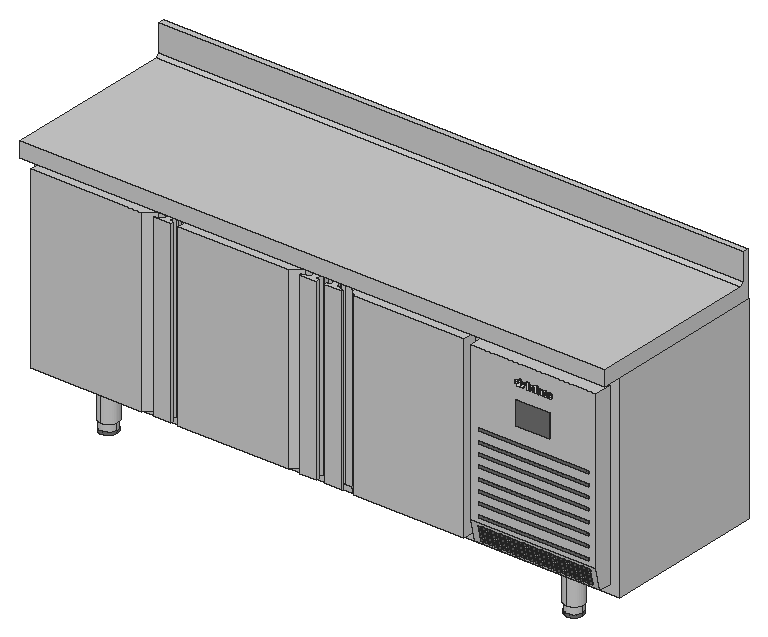
Revit family "QF_INFRICO_BMPP2000BT_250812084553", category Specialty Equipment, Revit 2021
Family settings
  Round Connector Dimension = Use Diameter
  Part Type = Normal
  OmniClass Number = 23.40.40.14
  OmniClass Title = Food Service Equipment
  Work Plane-Based = No
  Always vertical = Yes
  Cut with Voids When Loaded = No
  Shared = No
  Room Calculation Point = No
Parameters (values of type "BMPP2000BT")
  Weight [instance] = 159.002 kg
  Waste Water Discharge Temperature [instance] = 0 °C
  Waste Remarks [instance] = ""
  Warranty Start Date [instance] = ""
  Warranty Duration [instance] = ""
  Volts [instance] = 230 V
  Volt Free Conn [instance] = no
  URL Recommended Spares List [instance] = ""
  URL Manufacturer [instance] = ""
  URL Cutsheet [instance] = ""
  URL Critical Spares List [instance] = ""
  URL = "www.infrico.com"
  Technical Documentation [instance] = ""
  Tag Number [instance] = ""
  Status [instance] = ""
  Start Up Current [instance] = 0 A
  Specification by User [instance] = ""
  Specification by Manufacturer [instance] = ""
  Sound Level [instance] = ""
  Show Logo [instance] = yes
  Show Clearances [instance] = yes
  Service Life Duration [instance] = ""
  Serial Number [instance] = ""
  Seismic Rating [instance] = ""
  SMACNA No [instance] = ""
  Revision Code [instance] = ""
  Revision [instance] = ""
  Production Year [instance] = ""
  Potential Equalisation [instance] = no
  Point Load [instance] = 0
  Plumbing Connection Type [instance] = ""
  Phase [instance] = 1
  Other Equipment Approvals [instance] = ""
  Operational Current [instance] = 0 A
  Number of Poles [instance] = 2
  No Load Power Draw [instance] = no
  NAFEM Spec ID Number [instance] = ""
  Model Warning [instance] = ""
  Model = "BMPP2000BT"
  Min Ckt Ampacity [instance] = 0 A
  Max Overcurrent Protection [instance] = 0 A
  Masterspec [instance] = ""
  Manufacturer = "INFRICO"
  Main switch integrated [instance] = no
  Length Actual [instance] = 1960.118 mm
  Item Number [instance] = ""
  Installed By [instance] = ""
  Installation Date [instance] = ""
  Indirect Waste Size [instance] = 19.05 mm
  Indirect Waste Remarks [instance] = ""
  Indirect Waste Flow [instance] = 0.0 L/s
  Indirect Waste Connection Type [instance] = ""
  Indirect Waste Connection Height [instance] = 0 mm
  Identify Quantity as Lot [instance] = no
  ID [instance] = ""
  Hygiene Approval [instance] = ""
  Height Actual [instance] = 849.884 mm
  HP power [instance] = ""
  Furnished By [instance] = ""
  Foodservice Equipment Identifier [instance] = no
  FL Amps [instance] = 0 A
  Electrical Remarks [instance] = ""
  Electric power [instance] = 650 W
  Electric Connection Type [instance] = ""
  Elec Conn RI Height [instance] = 0 mm
  Elec Conn Connection Height [instance] = 0 mm
  ETL Approved [instance] = no
  Direct Waste Water Discharge Temperature [instance] = -273.15 °C
  Direct Waste Size [instance] = 19.05 mm
  Direct Waste RI Height [instance] = 0 mm
  Direct Waste Flow [instance] = 0.0 L/s
  Direct Waste Connection Height [instance] = 0 mm
  Description = "UNDERCOUNTER FREEZER 600 SERIES - R290"
  Depth Actual [instance] = 599.948 mm
  Default Elevation = 0 mm
  Cycle [instance] = 50 Hz
  Cost = 0
  Connection to energy optimisation system [instance] = yes
  Conn Plug [instance] = ""
  Conn Conduit [instance] = no
  Centralized building control system with digital interface [instance] = ""
  CSI MasterFormat [instance] = ""
  CE Approved [instance] = no
  Barcode [instance] = 0
  Author [instance] = ""
  Asset Identifier [instance] = ""
  Apparent Power [instance] = 650 VA
  Accessory [instance] = no
Reference planes
  plane 1 "Center (Front/Back)": y = 0
  plane 2: z = 0
  plane 3 "Center (Left/Right)": x = 0
Forms (mm)
  Extrusion 1, solid, not visible
    sketch origin (787.038, -112.005, 142.007) x (1, 0, 0) y (0, 1, 0)
      loop
        line (-2, 2) -> (-2, -2) -> (2, -2) -> (2, 2) -> (-2, 2)
    from -2 to 2
  Extrusion 2, solid, not visible
    sketch origin (1898.593, -61.503, 142.007) x (1, 0, 0) y (0, 1, 0)
      loop
        line (-2, 2) -> (-2, -2) -> (2, -2) -> (2, 2) -> (-2, 2)
    from -2 to 2
Dimensions and locks
  locked: nested 2 to Extrusion 1 at 2  (x2)
  locked: nested 3 to Extrusion 2 at 2  (x2)
  aligned and locked: level to plane 2
Nested families
  nested 1: "QF_INFRICO_BMPP2000_2920" at (0, 0, 140), type "BMPP2000BT"
    with Weight 159.002 kg, Warranty Start Date "", Warranty Duration "", URL Cutsheet "", Technical Documentation "", Tag Number "", Status "", Specification by User "", Specification by Manufacturer "", Sound Level "", Solid Fuel Type "", Show Logo yes, Show Clearances yes, Show Clearance yes, Service Life Duration "", Serial Number "", Seismic Rating "", SMACNA No "", Revision Code "", Revision "", Production Year "", Point Load 0, Other Equipment Approvals "", NAFEM Spec ID Number "", Model Warning "", Masterspec "", Length Actual 1960.118 mm, Item Number "", Installed By "", Installation Date "", Identify Quantity as Lot yes, ID "", Hygiene Approval "", Height Actual 849.884 mm, Furnished By "", Foodservice Equipment Identifier yes, ETL Approved yes, Depth Actual 599.948 mm, CSI MasterFormat "", CE Approved no, Barcode "", Author "", Asset Identifier "", Accessory no
  nested 2: "CONN_POINT_DRAIN_2D___Generic_Annotation" at (787.038, -112.005, 140.007), type "CONN_POINT_DRAIN_2D___Generic_Annotation"
    with Onboard connection annotation symbol visibility yes
  nested 3: "CONN_POINT_ELE_2D___Generic_Annotation" at (1898.593, -61.503, 140.007), type "CONN_POINT_ELE_2D___Generic_Annotation"
    with Onboard connection annotation symbol visibility yes
  nested 4: "QF_INFRICO_BMGN_DOOR_SX_4851" at (22, -538, 168), type "BMGN_DOOR_SX"
    with Weight 0.00 kg, Warranty Start Date "", Warranty Duration "", URL Cutsheet "", Technical Documentation "", Tag Number "", Status "", Specification by User "", Specification by Manufacturer "", Sound Level "", Solid Fuel Type "", Show Logo yes, Show Clearances yes, Show Clearance yes, Service Life Duration "", Serial Number "", Seismic Rating "", SMACNA No "", Revision Code "", Revision "", Production Year "", Point Load 0, Other Equipment Approvals "", NAFEM Spec ID Number "", Model Warning "", Masterspec "", Length Actual 467.106 mm, Item Number "", Installed By "", Installation Date "", Identify Quantity as Lot yes, ID "", Hygiene Approval "", Height Actual 596.9 mm, Furnished By "", Foodservice Equipment Identifier yes, ETL Approved yes, Depth Actual 54.102 mm, CSI MasterFormat "", CE Approved no, Barcode "", Author "", Asset Identifier "", Accessory yes
  nested 5: "QF_INFRICO_BMGN_DOOR_SX_5632" at (514, -538, 168), type "BMGN_DOOR_SX"
    with Weight 0.00 kg, Warranty Start Date "", Warranty Duration "", URL Cutsheet "", Technical Documentation "", Tag Number "", Status "", Specification by User "", Specification by Manufacturer "", Sound Level "", Solid Fuel Type "", Show Logo yes, Show Clearances yes, Show Clearance yes, Service Life Duration "", Serial Number "", Seismic Rating "", SMACNA No "", Revision Code "", Revision "", Production Year "", Point Load 0, Other Equipment Approvals "", NAFEM Spec ID Number "", Model Warning "", Masterspec "", Length Actual 467.106 mm, Item Number "", Installed By "", Installation Date "", Identify Quantity as Lot yes, ID "", Hygiene Approval "", Height Actual 596.9 mm, Furnished By "", Foodservice Equipment Identifier yes, ETL Approved yes, Depth Actual 54.102 mm, CSI MasterFormat "", CE Approved no, Barcode "", Author "", Asset Identifier "", Accessory yes
  nested 6: "QF_INFRICO_BMGN_DOOR_DX_6409" at (1006, -538, 168), type "BMGN_DOOR_DX"
    with Weight 0.00 kg, Warranty Start Date "", Warranty Duration "", URL Cutsheet "", Technical Documentation "", Tag Number "", Status "", Specification by User "", Specification by Manufacturer "", Sound Level "", Solid Fuel Type "", Show Logo yes, Show Clearances yes, Show Clearance yes, Service Life Duration "", Serial Number "", Seismic Rating "", SMACNA No "", Revision Code "", Revision "", Production Year "", Point Load 0, Other Equipment Approvals "", NAFEM Spec ID Number "", Model Warning "", Masterspec "", Length Actual 467.106 mm, Item Number "", Installed By "", Installation Date "", Identify Quantity as Lot yes, ID "", Hygiene Approval "", Height Actual 596.9 mm, Furnished By "", Foodservice Equipment Identifier yes, ETL Approved yes, Depth Actual 54.102 mm, CSI MasterFormat "", CE Approved no, Barcode "", Author "", Asset Identifier "", Accessory yes
  nested 7: "QF_INFRICO_WORKTOP_BACKSPLASH_7186" at (0, 0, 800), type "ENC12CPBM20"
    with Weight 0.00 kg, Warranty Start Date "", Warranty Duration "", URL Cutsheet "", Technical Documentation "", Tag Number "", Status "", Specification by User "", Specification by Manufacturer "", Sound Level "", Solid Fuel Type "", Show Logo yes, Show Clearances yes, Show Clearance yes, Service Life Duration "", Serial Number "", Seismic Rating "", SMACNA No "", Revision Code "", Revision "", Production Year "", Point Load 0, Other Equipment Approvals "", NAFEM Spec ID Number "", Model Warning "", Masterspec "", Length Actual 1960.118 mm, Item Number "", Installed By "", Installation Date "", Identify Quantity as Lot yes, ID "", Hygiene Approval "", Height Actual 150.114 mm, Furnished By "", Foodservice Equipment Identifier yes, ETL Approved yes, Depth Actual 599.948 mm, CSI MasterFormat "", CE Approved no, Barcode "", Author "", Asset Identifier "", Accessory yes
  nested 8: "QF_INFRICO_LEGS_8022" at (0, 0, 0), type "LEGS_1960_600"
    with Weight 0.00 kg, Warranty Start Date "", Warranty Duration "", URL Cutsheet "", Technical Documentation "", Tag Number "", Status "", Specification by User "", Specification by Manufacturer "", Sound Level "", Solid Fuel Type "", Show Logo yes, Show Clearances yes, Show Clearance yes, Service Life Duration "", Serial Number "", Seismic Rating "", SMACNA No "", Revision Code "", Revision "", Production Year "", Point Load 0, Other Equipment Approvals "", NAFEM Spec ID Number "", Model Warning "", Masterspec "", Length Actual 1960.118 mm, Item Number "", Installed By "", Installation Date "", Identify Quantity as Lot yes, ID "", Hygiene Approval "", Height Actual 139.954 mm, Furnished By "", Foodservice Equipment Identifier yes, ETL Approved yes, Depth Actual 599.948 mm, CSI MasterFormat "", CE Approved no, Barcode "", Author "", Asset Identifier "", Accessory yes
Connectors
  piping at (787.038, -112.005, 140.007), diameter 19.05, driven by "Indirect Waste Size", driven by "Direct Waste Flow"
    settings: on Extrusion 1, index 1, connector inside diameter 609.6 mm, connector length 0 mm, flow factor 0, pipe flow 0.0 L/s, pressure drop 0.0 Pa, fitting loss kfactor 0, connector angle 0.00°, fixture units 0, engagement length 0 mm, angle of deflection 0.00°, flow configuration 1, flow direction 2, fitting loss method 0, system type 16, joint type 0, gender type 0, connector reference index -1, connector utility 0, adjustable connector no, is connector primary yes, connector description "Waste connection for BMPP2000BT"
  electrical at (1898.593, -61.503, 140.007), driven by "Apparent Power", driven by "Number of Poles", driven by "Volts"
    settings: on Extrusion 2, index 2, voltage 230 V, apparent load 0 VA, apparent load phase1 650 VA, apparent load phase2 0 VA, apparent load phase3 0 VA, power factor 1, load classification "Other", number of poles 2, system type 31, power factor state 1, is connector primary yes, connector utility no, sub classification motor no, connector description "Electrical connection for BMPP2000BT"
Definition of nested family "QF_INFRICO_BMPP2000_2920"
  Parameters (values of type "BMPPF2000II-R290")
    Weight [instance] = 0.00 kg
    Warranty Start Date [instance] = ""
    Warranty Duration [instance] = ""
    URL Cutsheet [instance] = ""
    URL = "www.infrico.com"
    Technical Documentation [instance] = ""
    Tag Number [instance] = ""
    Status [instance] = ""
    Specification by User [instance] = ""
    Specification by Manufacturer [instance] = ""
    Sound Level [instance] = ""
    Solid Fuel Type [instance] = ""
    Show Logo [instance] = yes
    Show Clearances [instance] = yes
    Show Clearance [instance] = yes
    Service Life Duration [instance] = ""
    Serial Number [instance] = ""
    Seismic Rating [instance] = ""
    SMACNA No [instance] = ""
    Revision Code [instance] = ""
    Revision [instance] = ""
    Production Year [instance] = ""
    Point Load [instance] = 0
    Other Equipment Approvals [instance] = ""
    NAFEM Spec ID Number [instance] = ""
    Model Warning [instance] = ""
    Model = "BMPPF2000II"
    Masterspec [instance] = ""
    Manufacturer = "INFRICO"
    Length Actual [instance] = 0 mm
    Item Number [instance] = ""
    Installed By [instance] = ""
    Installation Date [instance] = ""
    Identify Quantity as Lot [instance] = yes
    ID [instance] = ""
    Hygiene Approval [instance] = ""
    Height Actual [instance] = 0 mm
    Furnished By [instance] = ""
    Foodservice Equipment Identifier [instance] = yes
    ETL Approved [instance] = yes
    Description = "SINK UNDERCOUNTER REFRIGERATOR 600 SERIES - R290"
    Depth Actual [instance] = 0 mm
    Default Elevation = 0 mm
    CSI MasterFormat [instance] = ""
    CE Approved [instance] = yes
    Barcode [instance] = ""
    Author [instance] = ""
    Asset Identifier [instance] = ""
    Assembly Code = "E1090320"
    Accessory [instance] = yes
  Types (6, lengths in mm): name | Model | Description
    BMPP2000II | "BMPP2000II" | "UNDERCOUNTER REFRIGERATOR 600 SERIES - R134A"
    BMPP2000BT | "BMPP2000BT" | "UNDERCOUNTER FREEZER 600 SERIES - R290"
    BMPP2000CR | "BMPP2000CR" | "GLASS DOOR UNDERCOUNTER REFRIGERATOR 600 SERIES - R134A"
    BMPPF2000II | "BMPPF2000II" | "SINK UNDERCOUNTER REFRIGERATOR 600 SERIES - R134A"
    BMPP2000II-R290 | "BMPP2000II" | "UNDERCOUNTER REFRIGERATOR 600 SERIES - R290"
    BMPPF2000II-R290 | "BMPPF2000II" | "SINK UNDERCOUNTER REFRIGERATOR 600 SERIES - R290"
  Reference planes
    plane 1 "Back": y = 0
    plane 2: z = 0
    plane 3 "Left": x = 0
    plane 4 "Right": x = 1960
    plane 5 "Front": y = -600
    plane 6 "Top": z = 660
  Forms (mm)
    Extrusion 1, solid
      sketch origin (492, 100, -140) x (0, 1, 0) y (0, 0, 1)
        loop
          line (-638.02, 765.292) -> (-695.03, 765.292) -> (-695.03, 238.436) -> (-678.769, 168) -> (-638.02, 168) -> (-638.02, 765.292)
      from 1013.993 to 1433.993
    Extrusion 2, void
      sketch origin (0, 0, -140) x (1, 0, 0) y (0, 0, 1)
        loop
          line (60, 200) -> (1410, 200) -> (1410, 740) -> (60, 740) -> (60, 200)
      from 60 to 538.02
    Extrusion 3, solid
      sketch origin (-1508, -593.13, -140) x (1, 0, 0) y (0, 0, 1)
        loop
          line (3408.016, 523.949) -> (3040.73, 523.949) -> (3040.73, 514.949) -> (3408.016, 514.949) -> (3408.016, 523.949)
        loop
          line (3408.016, 486.949) -> (3040.73, 486.949) -> (3040.73, 477.949) -> (3408.016, 477.949) -> (3408.016, 486.949)
        loop
          line (3408.016, 449.949) -> (3040.73, 449.949) -> (3040.73, 440.949) -> (3408.016, 440.949) -> (3408.016, 449.949)
        loop
          line (3408.016, 412.949) -> (3040.73, 412.949) -> (3040.73, 403.949) -> (3408.016, 403.949) -> (3408.016, 412.949)
        loop
          line (3408.016, 375.949) -> (3040.73, 375.949) -> (3040.73, 366.949) -> (3408.016, 366.949) -> (3408.016, 375.949)
        loop
          line (3408.016, 338.949) -> (3040.73, 338.949) -> (3040.73, 329.949) -> (3408.016, 329.949) -> (3408.016, 338.949)
        loop
          line (3408.016, 301.949) -> (3040.73, 301.949) -> (3040.73, 292.949) -> (3408.016, 292.949) -> (3408.016, 301.949)
        loop
          line (3408.016, 264.949) -> (3040.73, 264.949) -> (3040.73, 255.949) -> (3408.016, 255.949) -> (3408.016, 264.949)
      from 0 to 2
    Extrusion 4, solid
      sketch origin (-1508, -539.263, -134.673) x (1, 0, 0) y (0, -0.224951, 0.97437)
        loop
          line (3036.73, 215.974) -> (3036.73, 205.974) -> (3046.73, 205.974) -> (3046.73, 215.974) -> (3036.73, 215.974)
        loop
          line (3036.73, 230.769) -> (3036.73, 220.769) -> (3046.73, 220.769) -> (3046.73, 230.769) -> (3036.73, 230.769)
        loop
          line (3036.73, 186.385) -> (3036.73, 176.385) -> (3046.73, 176.385) -> (3046.73, 186.385) -> (3036.73, 186.385)
        loop
          line (3036.73, 201.179) -> (3036.73, 191.179) -> (3046.73, 191.179) -> (3046.73, 201.179) -> (3036.73, 201.179)
        loop
          line (3051.938, 215.974) -> (3051.938, 205.974) -> (3061.938, 205.974) -> (3061.938, 215.974) -> (3051.938, 215.974)
        loop
          line (3051.938, 230.769) -> (3051.938, 220.769) -> (3061.938, 220.769) -> (3061.938, 230.769) -> (3051.938, 230.769)
        loop
          line (3051.938, 186.385) -> (3051.938, 176.385) -> (3061.938, 176.385) -> (3061.938, 186.385) -> (3051.938, 186.385)
        loop
          line (3051.938, 201.179) -> (3051.938, 191.179) -> (3061.938, 191.179) -> (3061.938, 201.179) -> (3051.938, 201.179)
        loop
          line (3067.147, 215.974) -> (3067.147, 205.974) -> (3077.147, 205.974) -> (3077.147, 215.974) -> (3067.147, 215.974)
        loop
          line (3067.147, 230.769) -> (3067.147, 220.769) -> (3077.147, 220.769) -> (3077.147, 230.769) -> (3067.147, 230.769)
        loop
          line (3067.147, 186.385) -> (3067.147, 176.385) -> (3077.147, 176.385) -> (3077.147, 186.385) -> (3067.147, 186.385)
        loop
          line (3067.147, 201.179) -> (3067.147, 191.179) -> (3077.147, 191.179) -> (3077.147, 201.179) -> (3067.147, 201.179)
        loop
          line (3082.355, 215.974) -> (3082.355, 205.974) -> (3092.355, 205.974) -> (3092.355, 215.974) -> (3082.355, 215.974)
        loop
          line (3082.355, 230.769) -> (3082.355, 220.769) -> (3092.355, 220.769) -> (3092.355, 230.769) -> (3082.355, 230.769)
        loop
          line (3082.355, 186.385) -> (3082.355, 176.385) -> (3092.355, 176.385) -> (3092.355, 186.385) -> (3082.355, 186.385)
        loop
          line (3082.355, 201.179) -> (3082.355, 191.179) -> (3092.355, 191.179) -> (3092.355, 201.179) -> (3082.355, 201.179)
        loop
          line (3097.563, 215.974) -> (3097.563, 205.974) -> (3107.563, 205.974) -> (3107.563, 215.974) -> (3097.563, 215.974)
        loop
          line (3097.563, 230.769) -> (3097.563, 220.769) -> (3107.563, 220.769) -> (3107.563, 230.769) -> (3097.563, 230.769)
        loop
          line (3097.563, 186.385) -> (3097.563, 176.385) -> (3107.563, 176.385) -> (3107.563, 186.385) -> (3097.563, 186.385)
        loop
          line (3097.563, 201.179) -> (3097.563, 191.179) -> (3107.563, 191.179) -> (3107.563, 201.179) -> (3097.563, 201.179)
        loop
          line (3112.772, 215.974) -> (3112.772, 205.974) -> (3122.772, 205.974) -> (3122.772, 215.974) -> (3112.772, 215.974)
        loop
          line (3112.772, 230.769) -> (3112.772, 220.769) -> (3122.772, 220.769) -> (3122.772, 230.769) -> (3112.772, 230.769)
        loop
          line (3112.772, 186.385) -> (3112.772, 176.385) -> (3122.772, 176.385) -> (3122.772, 186.385) -> (3112.772, 186.385)
        loop
          line (3112.772, 201.179) -> (3112.772, 191.179) -> (3122.772, 191.179) -> (3122.772, 201.179) -> (3112.772, 201.179)
        loop
          line (3127.98, 215.974) -> (3127.98, 205.974) -> (3137.98, 205.974) -> (3137.98, 215.974) -> (3127.98, 215.974)
        loop
          line (3127.98, 230.769) -> (3127.98, 220.769) -> (3137.98, 220.769) -> (3137.98, 230.769) -> (3127.98, 230.769)
        loop
          line (3127.98, 186.385) -> (3127.98, 176.385) -> (3137.98, 176.385) -> (3137.98, 186.385) -> (3127.98, 186.385)
        loop
          line (3127.98, 201.179) -> (3127.98, 191.179) -> (3137.98, 191.179) -> (3137.98, 201.179) -> (3127.98, 201.179)
        loop
          line (3143.188, 215.974) -> (3143.188, 205.974) -> (3153.188, 205.974) -> (3153.188, 215.974) -> (3143.188, 215.974)
        loop
          line (3143.188, 230.769) -> (3143.188, 220.769) -> (3153.188, 220.769) -> (3153.188, 230.769) -> (3143.188, 230.769)
        loop
          line (3143.188, 186.385) -> (3143.188, 176.385) -> (3153.188, 176.385) -> (3153.188, 186.385) -> (3143.188, 186.385)
        loop
          line (3143.188, 201.179) -> (3143.188, 191.179) -> (3153.188, 191.179) -> (3153.188, 201.179) -> (3143.188, 201.179)
        loop
          line (3158.397, 215.974) -> (3158.397, 205.974) -> (3168.397, 205.974) -> (3168.397, 215.974) -> (3158.397, 215.974)
        loop
          line (3158.397, 230.769) -> (3158.397, 220.769) -> (3168.397, 220.769) -> (3168.397, 230.769) -> (3158.397, 230.769)
        loop
          line (3158.397, 186.385) -> (3158.397, 176.385) -> (3168.397, 176.385) -> (3168.397, 186.385) -> (3158.397, 186.385)
        loop
          line (3158.397, 201.179) -> (3158.397, 191.179) -> (3168.397, 191.179) -> (3168.397, 201.179) -> (3158.397, 201.179)
        loop
          line (3173.605, 215.974) -> (3173.605, 205.974) -> (3183.605, 205.974) -> (3183.605, 215.974) -> (3173.605, 215.974)
        loop
          line (3173.605, 230.769) -> (3173.605, 220.769) -> (3183.605, 220.769) -> (3183.605, 230.769) -> (3173.605, 230.769)
        loop
          line (3173.605, 186.385) -> (3173.605, 176.385) -> (3183.605, 176.385) -> (3183.605, 186.385) -> (3173.605, 186.385)
        loop
          line (3173.605, 201.179) -> (3173.605, 191.179) -> (3183.605, 191.179) -> (3183.605, 201.179) -> (3173.605, 201.179)
        loop
          line (3188.813, 215.974) -> (3188.813, 205.974) -> (3198.813, 205.974) -> (3198.813, 215.974) -> (3188.813, 215.974)
        loop
          line (3188.813, 230.769) -> (3188.813, 220.769) -> (3198.813, 220.769) -> (3198.813, 230.769) -> (3188.813, 230.769)
        loop
          line (3188.813, 186.385) -> (3188.813, 176.385) -> (3198.813, 176.385) -> (3198.813, 186.385) -> (3188.813, 186.385)
        loop
          line (3188.813, 201.179) -> (3188.813, 191.179) -> (3198.813, 191.179) -> (3198.813, 201.179) -> (3188.813, 201.179)
        loop
          line (3204.022, 215.974) -> (3204.022, 205.974) -> (3214.022, 205.974) -> (3214.022, 215.974) -> (3204.022, 215.974)
        loop
          line (3204.022, 230.769) -> (3204.022, 220.769) -> (3214.022, 220.769) -> (3214.022, 230.769) -> (3204.022, 230.769)
        loop
          line (3204.022, 186.385) -> (3204.022, 176.385) -> (3214.022, 176.385) -> (3214.022, 186.385) -> (3204.022, 186.385)
        loop
          line (3204.022, 201.179) -> (3204.022, 191.179) -> (3214.022, 191.179) -> (3214.022, 201.179) -> (3204.022, 201.179)
        loop
          line (3219.23, 215.974) -> (3219.23, 205.974) -> (3229.23, 205.974) -> (3229.23, 215.974) -> (3219.23, 215.974)
        loop
          line (3219.23, 230.769) -> (3219.23, 220.769) -> (3229.23, 220.769) -> (3229.23, 230.769) -> (3219.23, 230.769)
        loop
          line (3219.23, 186.385) -> (3219.23, 176.385) -> (3229.23, 176.385) -> (3229.23, 186.385) -> (3219.23, 186.385)
        loop
          line (3219.23, 201.179) -> (3219.23, 191.179) -> (3229.23, 191.179) -> (3229.23, 201.179) -> (3219.23, 201.179)
        loop
          line (3234.438, 215.974) -> (3234.438, 205.974) -> (3244.438, 205.974) -> (3244.438, 215.974) -> (3234.438, 215.974)
        loop
          line (3234.438, 230.769) -> (3234.438, 220.769) -> (3244.438, 220.769) -> (3244.438, 230.769) -> (3234.438, 230.769)
        loop
          line (3234.438, 186.385) -> (3234.438, 176.385) -> (3244.438, 176.385) -> (3244.438, 186.385) -> (3234.438, 186.385)
        loop
          line (3234.438, 201.179) -> (3234.438, 191.179) -> (3244.438, 191.179) -> (3244.438, 201.179) -> (3234.438, 201.179)
        loop
          line (3249.647, 215.974) -> (3249.647, 205.974) -> (3259.647, 205.974) -> (3259.647, 215.974) -> (3249.647, 215.974)
        loop
          line (3249.647, 230.769) -> (3249.647, 220.769) -> (3259.647, 220.769) -> (3259.647, 230.769) -> (3249.647, 230.769)
        loop
          line (3249.647, 186.385) -> (3249.647, 176.385) -> (3259.647, 176.385) -> (3259.647, 186.385) -> (3249.647, 186.385)
        loop
          line (3249.647, 201.179) -> (3249.647, 191.179) -> (3259.647, 191.179) -> (3259.647, 201.179) -> (3249.647, 201.179)
        loop
          line (3264.855, 215.974) -> (3264.855, 205.974) -> (3274.855, 205.974) -> (3274.855, 215.974) -> (3264.855, 215.974)
        loop
          line (3264.855, 230.769) -> (3264.855, 220.769) -> (3274.855, 220.769) -> (3274.855, 230.769) -> (3264.855, 230.769)
        loop
          line (3264.855, 186.385) -> (3264.855, 176.385) -> (3274.855, 176.385) -> (3274.855, 186.385) -> (3264.855, 186.385)
        loop
          line (3264.855, 201.179) -> (3264.855, 191.179) -> (3274.855, 191.179) -> (3274.855, 201.179) -> (3264.855, 201.179)
        loop
          line (3280.063, 215.974) -> (3280.063, 205.974) -> (3290.063, 205.974) -> (3290.063, 215.974) -> (3280.063, 215.974)
        loop
          line (3280.063, 230.769) -> (3280.063, 220.769) -> (3290.063, 220.769) -> (3290.063, 230.769) -> (3280.063, 230.769)
        loop
          line (3280.063, 186.385) -> (3280.063, 176.385) -> (3290.063, 176.385) -> (3290.063, 186.385) -> (3280.063, 186.385)
        loop
          line (3280.063, 201.179) -> (3280.063, 191.179) -> (3290.063, 191.179) -> (3290.063, 201.179) -> (3280.063, 201.179)
        loop
          line (3295.272, 215.974) -> (3295.272, 205.974) -> (3305.272, 205.974) -> (3305.272, 215.974) -> (3295.272, 215.974)
        loop
          line (3295.272, 230.769) -> (3295.272, 220.769) -> (3305.272, 220.769) -> (3305.272, 230.769) -> (3295.272, 230.769)
        loop
          line (3295.272, 186.385) -> (3295.272, 176.385) -> (3305.272, 176.385) -> (3305.272, 186.385) -> (3295.272, 186.385)
        loop
          line (3295.272, 201.179) -> (3295.272, 191.179) -> (3305.272, 191.179) -> (3305.272, 201.179) -> (3295.272, 201.179)
        loop
          line (3310.48, 215.974) -> (3310.48, 205.974) -> (3320.48, 205.974) -> (3320.48, 215.974) -> (3310.48, 215.974)
        loop
          line (3310.48, 230.769) -> (3310.48, 220.769) -> (3320.48, 220.769) -> (3320.48, 230.769) -> (3310.48, 230.769)
        loop
          line (3310.48, 186.385) -> (3310.48, 176.385) -> (3320.48, 176.385) -> (3320.48, 186.385) -> (3310.48, 186.385)
        loop
          line (3310.48, 201.179) -> (3310.48, 191.179) -> (3320.48, 191.179) -> (3320.48, 201.179) -> (3310.48, 201.179)
        loop
          line (3325.688, 215.974) -> (3325.688, 205.974) -> (3335.688, 205.974) -> (3335.688, 215.974) -> (3325.688, 215.974)
        loop
          line (3325.688, 230.769) -> (3325.688, 220.769) -> (3335.688, 220.769) -> (3335.688, 230.769) -> (3325.688, 230.769)
        loop
          line (3325.688, 186.385) -> (3325.688, 176.385) -> (3335.688, 176.385) -> (3335.688, 186.385) -> (3325.688, 186.385)
        loop
          line (3325.688, 201.179) -> (3325.688, 191.179) -> (3335.688, 191.179) -> (3335.688, 201.179) -> (3325.688, 201.179)
        loop
          line (3340.897, 215.974) -> (3340.897, 205.974) -> (3350.897, 205.974) -> (3350.897, 215.974) -> (3340.897, 215.974)
        loop
          line (3340.897, 230.769) -> (3340.897, 220.769) -> (3350.897, 220.769) -> (3350.897, 230.769) -> (3340.897, 230.769)
        loop
          line (3340.897, 186.385) -> (3340.897, 176.385) -> (3350.897, 176.385) -> (3350.897, 186.385) -> (3340.897, 186.385)
        loop
          line (3340.897, 201.179) -> (3340.897, 191.179) -> (3350.897, 191.179) -> (3350.897, 201.179) -> (3340.897, 201.179)
        loop
          line (3356.105, 215.974) -> (3356.105, 205.974) -> (3366.105, 205.974) -> (3366.105, 215.974) -> (3356.105, 215.974)
        loop
          line (3356.105, 230.769) -> (3356.105, 220.769) -> (3366.105, 220.769) -> (3366.105, 230.769) -> (3356.105, 230.769)
        loop
          line (3356.105, 186.385) -> (3356.105, 176.385) -> (3366.105, 176.385) -> (3366.105, 186.385) -> (3356.105, 186.385)
        loop
          line (3356.105, 201.179) -> (3356.105, 191.179) -> (3366.105, 191.179) -> (3366.105, 201.179) -> (3356.105, 201.179)
        loop
          line (3371.313, 215.974) -> (3371.313, 205.974) -> (3381.313, 205.974) -> (3381.313, 215.974) -> (3371.313, 215.974)
        loop
          line (3371.313, 230.769) -> (3371.313, 220.769) -> (3381.313, 220.769) -> (3381.313, 230.769) -> (3371.313, 230.769)
        loop
          line (3371.313, 186.385) -> (3371.313, 176.385) -> (3381.313, 176.385) -> (3381.313, 186.385) -> (3371.313, 186.385)
        loop
          line (3371.313, 201.179) -> (3371.313, 191.179) -> (3381.313, 191.179) -> (3381.313, 201.179) -> (3371.313, 201.179)
        loop
          line (3386.522, 215.974) -> (3386.522, 205.974) -> (3396.522, 205.974) -> (3396.522, 215.974) -> (3386.522, 215.974)
        loop
          line (3386.522, 230.769) -> (3386.522, 220.769) -> (3396.522, 220.769) -> (3396.522, 230.769) -> (3386.522, 230.769)
        loop
          line (3386.522, 186.385) -> (3386.522, 176.385) -> (3396.522, 176.385) -> (3396.522, 186.385) -> (3386.522, 186.385)
        loop
          line (3386.522, 201.179) -> (3386.522, 191.179) -> (3396.522, 191.179) -> (3396.522, 201.179) -> (3386.522, 201.179)
        loop
          line (3401.73, 215.974) -> (3401.73, 205.974) -> (3411.73, 205.974) -> (3411.73, 215.974) -> (3401.73, 215.974)
        loop
          line (3401.73, 230.769) -> (3401.73, 220.769) -> (3411.73, 220.769) -> (3411.73, 230.769) -> (3401.73, 230.769)
        loop
          line (3401.73, 186.385) -> (3401.73, 176.385) -> (3411.73, 176.385) -> (3411.73, 186.385) -> (3401.73, 186.385)
        loop
          line (3401.73, 201.179) -> (3401.73, 191.179) -> (3411.73, 191.179) -> (3411.73, 201.179) -> (3401.73, 201.179)
      from 0 to 2
    Extrusion 5, solid, visible <- "Show Logo"
      sketch origin (491.014, -593.13, -140) x (1, 0, 0) y (0, 0, 1)
        loop
          line (1208.799, 696.53) -> (1208.799, 719.204) -> (1204.173, 719.204) -> (1204.173, 696.53) -> (1208.799, 696.53)
        loop
          line (1214.779, 713.006) -> (1211.283, 713.006) -> (1211.283, 696.53) -> (1215.772, 696.53) -> (1215.772, 707.832)
          arc (1215.772, 707.832) -> (1217.528, 708.741) -> (1219.417, 709.324) r 11.052
          arc (1219.417, 709.324) -> (1220.929, 708.961) -> (1221.598, 707.557) r 1.806
          line (1221.598, 707.557) -> (1221.598, 696.53) -> (1226.121, 696.53) -> (1226.121, 708.689)
          arc (1226.121, 708.689) -> (1224.637, 712.075) -> (1221.141, 713.281) r 4.607
          arc (1221.141, 713.281) -> (1218.282, 712.674) -> (1215.669, 711.361) r 11.435
          line (1215.669, 711.361) -> (1215.601, 712.184)
          arc (1215.601, 712.184) -> (1215.36, 712.765) -> (1214.779, 713.006) r 0.822
        loop
          line (1238.557, 720.102) -> (1237.306, 720.102)
          arc (1237.306, 720.102) -> (1235.052, 719.926) -> (1232.881, 719.297) r 11.103
          arc (1232.881, 719.297) -> (1230.805, 717.616) -> (1230.024, 715.062) r 4.567
          line (1230.024, 715.062) -> (1230.024, 712.909) -> (1227.351, 712.703) -> (1227.351, 709.374) -> (1230.024, 709.374) -> (1230.024, 696.53) -> (1234.547, 696.53) -> (1234.547, 709.374) -> (1238.249, 709.374) -> (1238.249, 712.938) -> (1234.547, 712.938) -> (1234.547, 714.548)
          arc (1234.547, 714.548) -> (1234.956, 715.705) -> (1236.045, 716.271) r 1.67
          line (1236.045, 716.271) -> (1237.7, 716.399)
          arc (1237.7, 716.399) -> (1238.306, 716.65) -> (1238.557, 717.255) r 0.857
          line (1238.557, 717.255) -> (1238.557, 720.102)
        loop
          line (1239.479, 713.006) -> (1239.479, 696.53) -> (1243.968, 696.53) -> (1243.968, 707.352)
          arc (1243.968, 707.352) -> (1245.873, 708.631) -> (1248.077, 709.268) r 7.435
          line (1248.077, 709.268) -> (1249.241, 709.416)
          arc (1249.241, 709.416) -> (1249.643, 709.758) -> (1249.793, 710.265) r 0.928
          line (1249.793, 710.265) -> (1249.793, 712.458)
          arc (1249.793, 712.458) -> (1249.531, 713.061) -> (1248.912, 713.28) r 0.824
          arc (1248.912, 713.28) -> (1246.197, 712.588) -> (1243.899, 710.984) r 7.833
          line (1243.899, 710.984) -> (1243.726, 713.006) -> (1239.479, 713.006)
        loop
          line (1255.495, 696.53) -> (1255.495, 713.006) -> (1251.006, 713.006) -> (1251.006, 696.53) -> (1255.495, 696.53)
        loop
          arc (1257.421, 701.327) -> (1258.567, 698.188) -> (1261.466, 696.525) r 4.873
          arc (1261.466, 696.525) -> (1264.493, 696.266) -> (1267.521, 696.525) r 17.816
          arc (1267.521, 696.525) -> (1270.575, 699.134) -> (1271.505, 703.041) r 6.481
          line (1271.505, 703.041) -> (1267.187, 703.041) -> (1267.187, 701.67)
          arc (1267.187, 701.67) -> (1266.64, 700.452) -> (1265.442, 699.865) r 1.965
          arc (1265.442, 699.865) -> (1264.547, 699.816) -> (1263.653, 699.865) r 8.196
          arc (1263.653, 699.865) -> (1262.417, 700.415) -> (1261.91, 701.67) r 1.806
          line (1261.91, 701.67) -> (1261.91, 707.9)
          arc (1261.91, 707.9) -> (1262.417, 709.155) -> (1263.653, 709.705) r 1.806
          arc (1263.653, 709.705) -> (1264.547, 709.754) -> (1265.442, 709.705) r 8.196
          arc (1265.442, 709.705) -> (1266.64, 709.118) -> (1267.187, 707.9) r 1.965
          line (1267.187, 707.9) -> (1267.187, 706.838) -> (1271.505, 706.838)
          arc (1271.505, 706.838) -> (1270.524, 710.556) -> (1267.521, 712.959) r 6.132
          arc (1267.521, 712.959) -> (1264.493, 713.294) -> (1261.466, 712.959) r 13.851
          arc (1261.466, 712.959) -> (1258.571, 711.349) -> (1257.421, 708.243) r 4.772
          line (1257.421, 708.243) -> (1257.421, 701.327)
        loop
          arc (1272.916, 701.329) -> (1273.993, 698.345) -> (1276.726, 696.734) r 4.676
          arc (1276.726, 696.734) -> (1278.515, 696.455) -> (1280.318, 696.291) r 28.371
          arc (1280.318, 696.291) -> (1282.122, 696.455) -> (1283.911, 696.734) r 28.371
          arc (1283.911, 696.734) -> (1286.644, 698.345) -> (1287.72, 701.329) r 4.676
          line (1287.72, 701.329) -> (1287.72, 708.242)
          arc (1287.72, 708.242) -> (1286.644, 711.226) -> (1283.911, 712.837) r 4.676
          arc (1283.911, 712.837) -> (1282.122, 713.116) -> (1280.318, 713.28) r 28.371
          arc (1280.318, 713.28) -> (1278.515, 713.116) -> (1276.726, 712.837) r 28.371
          arc (1276.726, 712.837) -> (1273.993, 711.226) -> (1272.916, 708.242) r 4.676
          line (1272.916, 708.242) -> (1272.916, 701.329)
        loop
          line (1277.405, 707.866) -> (1277.405, 701.705)
          arc (1277.405, 701.705) -> (1277.844, 700.556) -> (1278.936, 699.991) r 1.725
          arc (1278.936, 699.991) -> (1279.627, 699.918) -> (1280.318, 699.856) r 46.133
          arc (1280.318, 699.856) -> (1281.01, 699.918) -> (1281.701, 699.991) r 46.133
          arc (1281.701, 699.991) -> (1282.793, 700.556) -> (1283.231, 701.705) r 1.725
          line (1283.231, 701.705) -> (1283.231, 707.866)
          arc (1283.231, 707.866) -> (1282.793, 709.015) -> (1281.701, 709.58) r 1.725
          arc (1281.701, 709.58) -> (1281.01, 709.653) -> (1280.318, 709.716) r 46.133
          arc (1280.318, 709.716) -> (1279.627, 709.653) -> (1278.936, 709.58) r 46.133
          arc (1278.936, 709.58) -> (1277.844, 709.015) -> (1277.405, 707.866) r 1.725
        loop
          arc (1190.339, 696.543) -> (1191.411, 696.987) -> (1191.856, 698.059) r 1.516
          line (1191.856, 698.059) -> (1191.856, 703.891) -> (1196.035, 703.891)
          arc (1196.035, 703.891) -> (1196.79, 704.121) -> (1197.218, 704.782) r 1.147
          line (1197.218, 704.782) -> (1197.218, 706.211)
          arc (1197.218, 706.211) -> (1196.787, 707.258) -> (1195.719, 707.634) r 1.385
          line (1195.719, 707.634) -> (1194.52, 707.634) -> (1197.218, 710.332)
          arc (1197.218, 710.332) -> (1197.605, 711.266) -> (1197.218, 712.2) r 1.321
          line (1197.218, 712.2) -> (1196.495, 712.923)
          arc (1196.495, 712.923) -> (1195.54, 713.338) -> (1194.558, 712.991) r 1.422
          line (1194.558, 712.991) -> (1191.853, 710.286) -> (1191.853, 711.479)
          arc (1191.853, 711.479) -> (1191.443, 712.516) -> (1190.435, 712.992) r 1.516
          line (1190.435, 712.992) -> (1189.514, 712.992)
          arc (1189.514, 712.992) -> (1188.511, 712.514) -> (1188.103, 711.479) r 1.516
          line (1188.103, 711.479) -> (1188.103, 706.83) -> (1182.073, 701.336) -> (1182.073, 707.509) -> (1185.639, 711.075)
          arc (1185.639, 711.075) -> (1186.053, 712.073) -> (1185.639, 713.071) r 1.412
          line (1185.639, 713.071) -> (1184.987, 713.723)
          arc (1184.987, 713.723) -> (1183.939, 714.141) -> (1182.915, 713.667) r 1.428
          line (1182.915, 713.667) -> (1182.073, 712.825) -> (1182.073, 717.784)
          arc (1182.073, 717.784) -> (1181.658, 718.787) -> (1180.655, 719.203) r 1.418
          line (1180.655, 719.203) -> (1179.726, 719.203)
          arc (1179.726, 719.203) -> (1178.723, 718.787) -> (1178.308, 717.784) r 1.418
          line (1178.308, 717.784) -> (1178.308, 712.825) -> (1177.466, 713.667)
          arc (1177.466, 713.667) -> (1176.442, 714.141) -> (1175.394, 713.723) r 1.428
          line (1175.394, 713.723) -> (1174.742, 713.071)
          arc (1174.742, 713.071) -> (1174.328, 712.073) -> (1174.742, 711.075) r 1.412
          line (1174.742, 711.075) -> (1178.308, 707.509) -> (1178.308, 701.336) -> (1172.278, 706.83) -> (1172.278, 711.479)
          arc (1172.278, 711.479) -> (1171.87, 712.514) -> (1170.867, 712.992) r 1.516
          line (1170.867, 712.992) -> (1169.946, 712.992)
          arc (1169.946, 712.992) -> (1168.938, 712.516) -> (1168.528, 711.479) r 1.516
          line (1168.528, 711.479) -> (1168.528, 710.286) -> (1165.823, 712.991)
          arc (1165.823, 712.991) -> (1164.841, 713.338) -> (1163.886, 712.923) r 1.422
          line (1163.886, 712.923) -> (1163.163, 712.2)
          arc (1163.163, 712.2) -> (1162.776, 711.266) -> (1163.163, 710.332) r 1.321
          line (1163.163, 710.332) -> (1165.861, 707.634) -> (1164.662, 707.634)
          arc (1164.662, 707.634) -> (1163.594, 707.258) -> (1163.163, 706.211) r 1.385
          line (1163.163, 706.211) -> (1163.163, 704.782)
          arc (1163.163, 704.782) -> (1163.591, 704.121) -> (1164.346, 703.891) r 1.147
          line (1164.346, 703.891) -> (1168.525, 703.891) -> (1168.525, 698.059)
          arc (1168.525, 698.059) -> (1168.969, 696.987) -> (1170.042, 696.543) r 1.516
          line (1170.042, 696.543) -> (1190.339, 696.543)
      from 0 to 2
    Extrusion 6, solid
      sketch origin (491.014, 100, -140) x (1, 0, 0) y (0, 0, 1)
        loop
          line (1169.616, 654.3) -> (1169.616, 577.9) -> (1281.216, 577.9) -> (1281.216, 654.3) -> (1169.616, 654.3)
      from 695.03 to 698.23
    Extrusion 7, solid
      sketch origin (492, 0, 0) x (1, 0, 0) y (0, 1, 0)
        loop
          circle (1406.5, -61.5) r 12.7
      from -5 to 0
    Extrusion 8, solid
      sketch origin (0, 0, 0) x (1, 0, 0) y (0, 1, 0)
        loop
          circle (787, -112) r 9.525
      from -5 to 0
    Extrusion 9, solid
      sketch origin (0, 0, 0) x (1, 0, 0) y (0, 1, 0)
        loop
          line (0, 0) -> (0, -538.02) -> (1960, -538.02) -> (1960, 0) -> (0, 0)
        loop
          line (60, -478.02) -> (1900, -478.02) -> (1900, -60) -> (60, -60) -> (60, -478.02)
      from 0 to 660
    Extrusion 10, solid
      sketch origin (0, 0, 0) x (1, 0, 0) y (0, 0, 1)
        loop
          line (1900.016, 60) -> (60, 60) -> (60, 0) -> (1900.016, 0) -> (1900.016, 60)
      from 60 to 478.02
    Extrusion 11, solid
      sketch origin (0, 100, 0) x (1, 0, 0) y (0, 1, 0)
        loop
          line (454, -638.02) -> (549, -638.02) -> (549, -628.02) -> (454, -628.02) -> (454, -638.02)
      from 60 to 600
    Extrusion 12, solid
      sketch origin (492, 100, 0) x (1, 0, 0) y (0, 1, 0)
        loop
          line (454, -638.02) -> (549, -638.02) -> (549, -628.02) -> (454, -628.02) -> (454, -638.02)
      from 60 to 600
  Cuts and joins
    Extrusion 2 cuts Extrusion 9
    joined: Extrusion 9, Extrusion 10
  Lines and regions (mm)
    symbolic lines, visible <- "Show Clearance"
      curve 1: line (1960, 0, 0) -> (0, 0, 0)
      curve 2: line (0, 0, 0) -> (0, -600, 0)
      curve 3: line (0, -600, 0) -> (1960, -600, 0)
      curve 4: line (1960, -600, 0) -> (1960, 0, 0)
  Dimensions and locks
    plane 4 "Right" to plane 3 "Left" = 1960 mm
    plane 6 "Top" to level = 660 mm
    plane 1 "Back" to plane 5 "Front" = 600 mm  (x2)
    plane 3 "Left" to plane 4 "Right" = 1960 mm
    aligned and locked: level to plane 2
  Connectors
    piping at (787, -112, -5), diameter 19.1
      settings: on Extrusion 8, index 2, connector inside diameter 609.6 mm, connector length 0 mm, flow factor 0, pipe flow 0.0 L/s, pressure drop 0.0 Pa, fitting loss kfactor 0, connector angle 0.00°, fixture units 0, engagement length 0 mm, angle of deflection 0.00°, flow configuration 1, flow direction 2, fitting loss method 0, system type 16, joint type 0, gender type 0, connector reference index -1, connector utility 0, adjustable connector no, is connector primary yes, connector description "Drain connection"
    electrical at (1898.5, -61.5, -5)
      settings: on Extrusion 7, index 3, voltage 0 V, apparent load 0 VA, apparent load phase1 0 VA, apparent load phase2 0 VA, apparent load phase3 0 VA, power factor 1, load classification none, number of poles 1, system type 31, power factor state 1, is connector primary yes, connector utility no, sub classification motor no, connector description "Electrical connection"
Definition of nested family "QF_INFRICO_BMGN_DOOR_SX_4851"
  Parameters (values of type "BMGN_DOOR_SX")
    Weight [instance] = 0.00 kg
    Warranty Start Date [instance] = ""
    Warranty Duration [instance] = ""
    URL Cutsheet [instance] = ""
    URL = "www.infrico.com"
    Technical Documentation [instance] = ""
    Tag Number [instance] = ""
    Status [instance] = ""
    Specification by User [instance] = ""
    Specification by Manufacturer [instance] = ""
    Sound Level [instance] = ""
    Solid Fuel Type [instance] = ""
    Show Logo [instance] = yes
    Show Clearances [instance] = yes
    Show Clearance [instance] = yes
    Service Life Duration [instance] = ""
    Serial Number [instance] = ""
    Seismic Rating [instance] = ""
    SMACNA No [instance] = ""
    Revision Code [instance] = ""
    Revision [instance] = ""
    Production Year [instance] = ""
    Point Load [instance] = 0
    Other Equipment Approvals [instance] = ""
    NAFEM Spec ID Number [instance] = ""
    Model Warning [instance] = ""
    Model = "BMGN_DOOR_SX"
    Masterspec [instance] = ""
    Manufacturer = "INFRICO"
    Length Actual [instance] = 0 mm
    Item Number [instance] = ""
    Installed By [instance] = ""
    Installation Date [instance] = ""
    Identify Quantity as Lot [instance] = yes
    ID [instance] = ""
    Hygiene Approval [instance] = ""
    Height Actual [instance] = 0 mm
    Furnished By [instance] = ""
    Foodservice Equipment Identifier [instance] = yes
    ETL Approved [instance] = yes
    Description = "LEFT DOOR"
    Depth Actual [instance] = 0 mm
    Default Elevation = 0 mm
    CSI MasterFormat [instance] = ""
    CE Approved [instance] = yes
    Barcode [instance] = ""
    Author [instance] = ""
    Asset Identifier [instance] = ""
    Assembly Code = "E1090320"
    Accessory [instance] = yes
  Reference planes
    plane 1 "Back": y = 0
    plane 2: z = 0
    plane 3 "Left": x = 0
    plane 4 "Right": x = 467
    plane 5 "Front": y = -44
    plane 6 "Top": z = 597
  Forms (mm)
    Extrusion 1, solid
      sketch origin (2981.326, 654.02, -168.61) x (-1, 0, 0) y (0, -1, 0)
        loop
          line (2610.426, 698.02) -> (2580.356, 667.95) -> (2557.604, 667.95) -> (2546.663, 670.881)
          arc (2546.663, 670.881) -> (2545.582, 671.631) -> (2545.222, 672.896) r 1.95
          line (2545.222, 672.896) -> (2545.566, 682.741)
          arc (2545.566, 682.741) -> (2545.774, 683.563) -> (2546.304, 684.224) r 2.001
          line (2546.304, 684.224) -> (2571.566, 694.947) -> (2571.566, 698.02) -> (2514.326, 698.02) -> (2514.326, 690.261) -> (2526.525, 683.218) -> (2521.592, 664.81) -> (2514.326, 664.81) -> (2514.326, 654.02) -> (2981.326, 654.02) -> (2981.326, 698.02) -> (2610.426, 698.02)
      from 168.61 to 765.61
    Extrusion 2, solid, visible <- "Show Clearance", detail levels coarse
      sketch origin (0, 0, 0) x (1, 0, 0) y (0, 1, 0)
        loop
          line (0, -44) -> (0, -467) -> (44, -467)
          arc (44, -467) -> (343.106, -343.106) -> (467, -44) r 423
          line (467, -44) -> (0, -44)
      from 0 to 597
  Lines and regions (mm)
    symbolic lines
      curve 1: arc (466.617, -62, 0) -> (336.673, -349.404, 0) -> (44, -467, 0) r 423
      curve 2: line (0, -467, 0) -> (0, -62, 0)
      curve 3: line (44, -467, 0) -> (0, -467, 0)
  Dimensions and locks
    plane 4 "Right" to plane 3 "Left" = 467 mm
    plane 6 "Top" to level = 597 mm  (x2)
    plane 1 "Back" to plane 5 "Front" = 44 mm  (x2)
    plane 3 "Left" to plane 4 "Right" = 467 mm
    aligned and locked: level to plane 2
Definition of nested family "QF_INFRICO_BMGN_DOOR_SX_5632"
  Parameters (values of type "BMGN_DOOR_SX")
    Weight [instance] = 0.00 kg
    Warranty Start Date [instance] = ""
    Warranty Duration [instance] = ""
    URL Cutsheet [instance] = ""
    URL = "www.infrico.com"
    Technical Documentation [instance] = ""
    Tag Number [instance] = ""
    Status [instance] = ""
    Specification by User [instance] = ""
    Specification by Manufacturer [instance] = ""
    Sound Level [instance] = ""
    Solid Fuel Type [instance] = ""
    Show Logo [instance] = yes
    Show Clearances [instance] = yes
    Show Clearance [instance] = yes
    Service Life Duration [instance] = ""
    Serial Number [instance] = ""
    Seismic Rating [instance] = ""
    SMACNA No [instance] = ""
    Revision Code [instance] = ""
    Revision [instance] = ""
    Production Year [instance] = ""
    Point Load [instance] = 0
    Other Equipment Approvals [instance] = ""
    NAFEM Spec ID Number [instance] = ""
    Model Warning [instance] = ""
    Model = "BMGN_DOOR_SX"
    Masterspec [instance] = ""
    Manufacturer = "INFRICO"
    Length Actual [instance] = 0 mm
    Item Number [instance] = ""
    Installed By [instance] = ""
    Installation Date [instance] = ""
    Identify Quantity as Lot [instance] = yes
    ID [instance] = ""
    Hygiene Approval [instance] = ""
    Height Actual [instance] = 0 mm
    Furnished By [instance] = ""
    Foodservice Equipment Identifier [instance] = yes
    ETL Approved [instance] = yes
    Description = "LEFT DOOR"
    Depth Actual [instance] = 0 mm
    Default Elevation = 0 mm
    CSI MasterFormat [instance] = ""
    CE Approved [instance] = yes
    Barcode [instance] = ""
    Author [instance] = ""
    Asset Identifier [instance] = ""
    Assembly Code = "E1090320"
    Accessory [instance] = yes
  Reference planes
    plane 1 "Back": y = 0
    plane 2: z = 0
    plane 3 "Left": x = 0
    plane 4 "Right": x = 467
    plane 5 "Front": y = -44
    plane 6 "Top": z = 597
  Forms (mm)
    Extrusion 1, solid
      sketch origin (2981.326, 654.02, -168.61) x (-1, 0, 0) y (0, -1, 0)
        loop
          line (2610.426, 698.02) -> (2580.356, 667.95) -> (2557.604, 667.95) -> (2546.663, 670.881)
          arc (2546.663, 670.881) -> (2545.582, 671.631) -> (2545.222, 672.896) r 1.95
          line (2545.222, 672.896) -> (2545.566, 682.741)
          arc (2545.566, 682.741) -> (2545.774, 683.563) -> (2546.304, 684.224) r 2.001
          line (2546.304, 684.224) -> (2571.566, 694.947) -> (2571.566, 698.02) -> (2514.326, 698.02) -> (2514.326, 690.261) -> (2526.525, 683.218) -> (2521.592, 664.81) -> (2514.326, 664.81) -> (2514.326, 654.02) -> (2981.326, 654.02) -> (2981.326, 698.02) -> (2610.426, 698.02)
      from 168.61 to 765.61
    Extrusion 2, solid, visible <- "Show Clearance", detail levels coarse
      sketch origin (0, 0, 0) x (1, 0, 0) y (0, 1, 0)
        loop
          line (0, -44) -> (0, -467) -> (44, -467)
          arc (44, -467) -> (343.106, -343.106) -> (467, -44) r 423
          line (467, -44) -> (0, -44)
      from 0 to 597
  Lines and regions (mm)
    symbolic lines
      curve 1: arc (466.617, -62, 0) -> (336.673, -349.404, 0) -> (44, -467, 0) r 423
      curve 2: line (0, -467, 0) -> (0, -62, 0)
      curve 3: line (44, -467, 0) -> (0, -467, 0)
  Dimensions and locks
    plane 4 "Right" to plane 3 "Left" = 467 mm
    plane 6 "Top" to level = 597 mm  (x2)
    plane 1 "Back" to plane 5 "Front" = 44 mm  (x2)
    plane 3 "Left" to plane 4 "Right" = 467 mm
    aligned and locked: level to plane 2
Definition of nested family "QF_INFRICO_BMGN_DOOR_DX_6409"
  Parameters (values of type "BMGN_DOOR_DX")
    Weight [instance] = 0.00 kg
    Warranty Start Date [instance] = ""
    Warranty Duration [instance] = ""
    URL Cutsheet [instance] = ""
    URL = "www.infrico.com"
    Technical Documentation [instance] = ""
    Tag Number [instance] = ""
    Status [instance] = ""
    Specification by User [instance] = ""
    Specification by Manufacturer [instance] = ""
    Sound Level [instance] = ""
    Solid Fuel Type [instance] = ""
    Show Logo [instance] = yes
    Show Clearances [instance] = yes
    Show Clearance [instance] = yes
    Service Life Duration [instance] = ""
    Serial Number [instance] = ""
    Seismic Rating [instance] = ""
    SMACNA No [instance] = ""
    Revision Code [instance] = ""
    Revision [instance] = ""
    Production Year [instance] = ""
    Point Load [instance] = 0
    Other Equipment Approvals [instance] = ""
    NAFEM Spec ID Number [instance] = ""
    Model Warning [instance] = ""
    Model = "BMGN_DOOR_DX"
    Masterspec [instance] = ""
    Manufacturer = "INFRICO"
    Length Actual [instance] = 0 mm
    Item Number [instance] = ""
    Installed By [instance] = ""
    Installation Date [instance] = ""
    Identify Quantity as Lot [instance] = yes
    ID [instance] = ""
    Hygiene Approval [instance] = ""
    Height Actual [instance] = 0 mm
    Furnished By [instance] = ""
    Foodservice Equipment Identifier [instance] = yes
    ETL Approved [instance] = yes
    Description = "RIGHT DOOR"
    Depth Actual [instance] = 0 mm
    Default Elevation = 0 mm
    CSI MasterFormat [instance] = ""
    CE Approved [instance] = yes
    Barcode [instance] = ""
    Author [instance] = ""
    Asset Identifier [instance] = ""
    Assembly Code = "E1090320"
    Accessory [instance] = yes
  Reference planes
    plane 1 "Back": y = 0
    plane 2: z = 0
    plane 3 "Left": x = 0
    plane 4 "Right": x = 467
    plane 5 "Front": y = -44
    plane 6 "Top": z = 597
  Forms (mm)
    Extrusion 1, solid
      sketch origin (-2514.326, 654.02, -168.61) x (1, 0, 0) y (0, 1, 0)
        loop
          line (2610.426, -698.02) -> (2981.326, -698.02) -> (2981.326, -654.02) -> (2514.326, -654.02) -> (2514.326, -664.81) -> (2521.592, -664.81) -> (2526.525, -683.218) -> (2514.326, -690.261) -> (2514.326, -698.02) -> (2571.566, -698.02) -> (2571.566, -694.947) -> (2546.304, -684.224)
          arc (2546.304, -684.224) -> (2545.774, -683.563) -> (2545.566, -682.741) r 2.001
          line (2545.566, -682.741) -> (2545.222, -672.896)
          arc (2545.222, -672.896) -> (2545.582, -671.631) -> (2546.663, -670.881) r 1.95
          line (2546.663, -670.881) -> (2557.604, -667.95) -> (2580.356, -667.95) -> (2610.426, -698.02)
      from 168.61 to 765.61
    Extrusion 2, solid, visible <- "Show Clearance", detail levels coarse
      sketch origin (467, 0, 0) x (-1, 0, 0) y (0, -1, 0)
        loop
          line (0, 44) -> (467, 44)
          arc (467, 44) -> (343.106, 343.106) -> (44, 467) r 423
          line (44, 467) -> (0, 467) -> (0, 44)
      from 0 to 597
  Lines and regions (mm)
    symbolic lines
      curve 1: arc (0.383, -62, 0) -> (130.327, -349.404, 0) -> (423, -467, 0) r 423
      curve 2: line (467, -467, 0) -> (467, -62, 0)
      curve 3: line (423, -467, 0) -> (467, -467, 0)
  Dimensions and locks
    plane 4 "Right" to plane 3 "Left" = 467 mm
    plane 6 "Top" to level = 597 mm  (x2)
    plane 1 "Back" to plane 5 "Front" = 44 mm  (x2)
    plane 3 "Left" to plane 4 "Right" = 467 mm
    aligned and locked: level to plane 2
Definition of nested family "QF_INFRICO_WORKTOP_BACKSPLASH_7186"
  Parameters (values of type "ENC12CPMC10")
    Weight [instance] = 0.00 kg
    Warranty Start Date [instance] = ""
    Warranty Duration [instance] = ""
    URL Cutsheet [instance] = ""
    URL = "www.infrico.com"
    Technical Documentation [instance] = ""
    Tag Number [instance] = ""
    Status [instance] = ""
    Specification by User [instance] = ""
    Specification by Manufacturer [instance] = ""
    Sound Level [instance] = ""
    Solid Fuel Type [instance] = ""
    Show Logo [instance] = yes
    Show Clearances [instance] = yes
    Show Clearance [instance] = yes
    Service Life Duration [instance] = ""
    Serial Number [instance] = ""
    Seismic Rating [instance] = ""
    SMACNA No [instance] = ""
    Revision Code [instance] = ""
    Revision [instance] = ""
    Production Year [instance] = ""
    Point Load [instance] = 0
    Other Equipment Approvals [instance] = ""
    NAFEM Spec ID Number [instance] = ""
    Model Warning [instance] = ""
    Model = "ENC12CPGN19"
    Masterspec [instance] = ""
    Manufacturer = "INFRICO"
    Length Actual [instance] = 0 mm
    Length = 1000 mm
    Item Number [instance] = ""
    Installed By [instance] = ""
    Installation Date [instance] = ""
    Identify Quantity as Lot [instance] = yes
    ID [instance] = ""
    Hygiene Approval [instance] = ""
    Height Actual [instance] = 0 mm
    Furnished By [instance] = ""
    Foodservice Equipment Identifier [instance] = yes
    ETL Approved [instance] = yes
    Description = "WORKTOP WITH BACKSPLASH"
    Depth Actual [instance] = 0 mm
    Depth = 600 mm
    Default Elevation = 0 mm
    CSI MasterFormat [instance] = ""
    CE Approved [instance] = yes
    Barcode [instance] = ""
    Author [instance] = ""
    Asset Identifier [instance] = ""
    Assembly Code = "E1090320"
    Accessory [instance] = yes
  Types (30, lengths in mm): name | Model | Length | Description | Depth
    ENC12CPGN19 | "ENC12CPGN19" | 1960 | "WORKTOP WITH BACKSPLASH" | 700
    ENC12CPGN14 | "ENC12CPGN14" | 1468 | "WORKTOP WITH BACKSPLASH" | 700
    ENC12CPGN24 | "ENC12CPGN24" | 2452 | "WORKTOP WITH BACKSPLASH" | 700
    ENC12CPGN14R | "ENC12CPGN14R" | 1160 | "WORKTOP WITH BACKSPLASH" | 700
    ENC12CPGN19R | "ENC12CPGN19R" | 1652 | "WORKTOP WITH BACKSPLASH" | 700
    ENC12CPGN24R | "ENC12CPGN24R" | 2144 | "WORKTOP WITH BACKSPLASH" | 700
    ENC12CPBM20 | "ENC12CPBM20" | 1960 | "WORKTOP WITH BACKSPLASH" | 600
    ENC12CPBM15 | "ENC12CPBM15" | 1468 | "WORKTOP WITH BACKSPLASH" | 600
    ENC12CPBM25 | "ENC12CPBM25" | 2452 | "WORKTOP WITH BACKSPLASH" | 600
    ENC12CPBM15R | "ENC12CPBM15R" | 1160 | "WORKTOP WITH BACKSPLASH" | 600
    ENC12CPBM20R | "ENC12CPBM20R" | 1652 | "WORKTOP WITH BACKSPLASH" | 600
    ENC12CPBM25R | "ENC12CPBM25R" | 2144 | "WORKTOP WITH BACKSPLASH" | 600
    ENC12CPME10 | "ENC12CPME10" | 978 | "WORKTOP WITH BACKSPLASH" | 700
    ENC12CPME14 | "ENC12CPME14" | 1460 | "WORKTOP WITH BACKSPLASH" | 700
    ENC12CPMC8 | "ENC12CPGN19" | 820 | "WORKTOP WITH BACKSPLASH" | 600
    ENC12CPMC10 | "ENC12CPGN19" | 1000 | "WORKTOP WITH BACKSPLASH" | 600
    ENC12CPMC15 | "ENC12CPGN19" | 1468 | "WORKTOP WITH BACKSPLASH" | 600
    BKSP10_30 | "BKSP10_30" | 1000 | "WORKTOP WITH BACKSPLASH 1000_300" | 300
    BKSP15_60 | "BKSP15_60" | 1468 | "WORKTOP WITH BACKSPLASH 1500_600" | 600
    BKSP15_30 | "BKSP15_30" | 1468 | "WORKTOP WITH BACKSPLASH 1500_300" | 300
    BKSP20_30 | "BKSP20_30" | 1960 | "WORKTOP WITH BACKSPLASH 2000_300" | 300
    BKSP20_60 | "BKSP20_60" | 1960 | "WORKTOP WITH BACKSPLASH 2000_600" | 600
    BKSP10_60 | "BKSP10_60" | 1000 | "WORKTOP WITH BACKSPLASH 1000_600" | 600
    BKSP10_70_MT | "BKSP10_70_MT" | 1000 | "WORKTOP WITH BACKSPLASH 1000_700" | 700
    BKSP15_60_MT | "BKSP15_60_MT" | 1500 | "WORKTOP WITH BACKSPLASH 1500_600" | 600
    BKSP15_70_MT | "BKSP15_70_MT" | 1500 | "WORKTOP WITH BACKSPLASH 1500_700" | 700
    BKSP20_60_MT | "BKSP20_60_MT" | 2000 | "WORKTOP WITH BACKSPLASH 2000_600" | 600
    BKSP20_70_MT | "BKSP20_70_MT" | 2000 | "WORKTOP WITH BACKSPLASH 2000_700" | 700
    BKSP25_30 | "BKSP25_30" | 2452 | "WORKTOP WITH BACKSPLASH 2500_300" | 300
    BKSP25_60 | "BKSP25_60" | 2452 | "WORKTOP WITH BACKSPLASH 2500_600" | 600
  Reference planes
    plane 1 "Back": y = 0
    plane 2: z = 0
    plane 3 "Left": x = 0
    plane 4 "Right": x = 1000
    plane 5 "Front": y = -600
    plane 6 "Top": z = 150.03
  Forms (mm)
    Extrusion 1, solid
      sketch origin (0, 0, -660) x (0, 1, 0) y (0, 0, 1)
        loop
          line (0, 660) -> (0, 810.03) -> (-20, 810.03) -> (-20, 720.071) -> (-30.071, 710) -> (-600, 710) -> (-600, 660) -> (0, 660)
      from 0 to 1000
  Lines and regions (mm)
    symbolic lines
      curve 1: line (0, -600, 0) -> (1000, -600, 0)
      curve 2: line (0, 0, 0) -> (0, -600, 0)
      curve 3: line (1000, -600, 0) -> (1000, 0, 0)
      curve 4: line (1000, 0, 0) -> (0, 0, 0)
      curve 5: line (0, -20, 0) -> (1000, -20, 0)
  Dimensions and locks
    plane 6 "Top" to level = 150.03 mm
    plane 4 "Right" to plane 3 "Left" = 1000 mm
    "Length": plane 3 "Left" to plane 4 "Right"
    "Depth": plane 5 "Front" to plane 1 "Back"
    aligned and locked: level to plane 2
    aligned and locked: Extrusion 1 to plane 4 "Right"
  Automatic sketch dimensions
    curve 1 to plane 3 "Left" = 0 mm
    plane 1 "Back" to curve 4 = 0 mm
    curve 4 to plane 4 "Right" = 0 mm
    curve 1 to plane 5 "Front" = 0 mm
    plane 1 "Back" to curve 5 = 20 mm
    Extrusion 1 sketch curve to level = 0 mm
    Extrusion 1 sketch curve to plane 5 "Front" = 0 mm
    Extrusion 1 sketch curve to plane 6 "Top" = 0 mm
    Extrusion 1 sketch curve to plane 1 "Back" = 0 mm
    plane 1 "Back" to Extrusion 1 sketch curve = 30.071 mm
    Extrusion 1 sketch curve to Extrusion 1 sketch curve = 10.071 mm  (x2)
    level to Extrusion 1 sketch curve = 50 mm
Definition of nested family "QF_INFRICO_LEGS_8022"
  Parameters (values of type "LEGS_2190_740")
    Weight [instance] = 0.00 kg
    Warranty Start Date [instance] = ""
    Warranty Duration [instance] = ""
    URL Cutsheet [instance] = ""
    URL = "www.infrico.com"
    Technical Documentation [instance] = ""
    Tag Number [instance] = ""
    Status [instance] = ""
    Specification by User [instance] = ""
    Specification by Manufacturer [instance] = ""
    Sound Level [instance] = ""
    Solid Fuel Type [instance] = ""
    Show Logo [instance] = yes
    Show Clearances [instance] = yes
    Show Clearance [instance] = yes
    Service Life Duration [instance] = ""
    Serial Number [instance] = ""
    Seismic Rating [instance] = ""
    SMACNA No [instance] = ""
    Revision Code [instance] = ""
    Revision [instance] = ""
    Production Year [instance] = ""
    Point Load [instance] = 0
    Other Equipment Approvals [instance] = ""
    NAFEM Spec ID Number [instance] = ""
    Model Warning [instance] = ""
    Model = "LEGS_2190_740"
    Masterspec [instance] = ""
    Manufacturer = "INFRICO"
    Length Actual [instance] = 0 mm
    Length = 2185 mm
    Item Number [instance] = ""
    Installed By [instance] = ""
    Installation Date [instance] = ""
    Identify Quantity as Lot [instance] = yes
    ID [instance] = ""
    Hygiene Approval [instance] = ""
    Height Actual [instance] = 0 mm
    Height = 140 mm
    Furnished By [instance] = ""
    Foodservice Equipment Identifier [instance] = yes
    ETL Approved [instance] = yes
    Description = "LEGS"
    Depth Actual [instance] = 0 mm
    Depth = 738 mm
    Default Elevation = 0 mm
    CentralLegs = if(or(Length > 2200 mm, Length = 2144 mm), 2 > 1, 2 < 1)  # no
    CSI MasterFormat [instance] = ""
    CE Approved [instance] = yes
    Barcode [instance] = ""
    Author [instance] = ""
    Asset Identifier [instance] = ""
    Assembly Code = "E1090320"
    Accessory [instance] = yes
  Types (29, lengths in mm): name | Model | Length | Height | Depth | CentralLegs
    LEGS_1960_700 | "LEGS_1960_700" | 1960 | 140 | 700 | no
